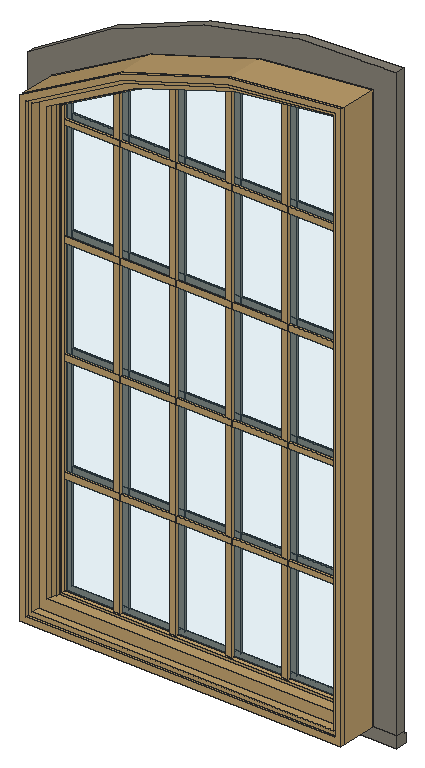
Revit family (continued)
Definition of nested family "Roundtop_Section_Detail"
  Definition of nested family "Head_Detail"
    Lines and regions (in)
      detail lines, style "Cut Lines", in view "Ref. Level"
        curve 24: line (1.50299, -2.90625, 0) -> (1.50299, -2.208, 0)
        curve 25: line (1.66374, -2.90625, 0) -> (1.50299, -2.90625, 0)
        curve 26: line (2, -2.677, 0) -> (1.89299, -2.677, 0)
        curve 27: line (2, -0.625, 0) -> (2, -2.677, 0)
        curve 28: line (0.47297, -2.90625, 0) -> (0.44605, -2.90625, 0)
        curve 29: line (1.89299, -2.677, 0) -> (1.66374, -2.90625, 0)
        curve 30: line (2.34399, -2.5005, 0) -> (2.34399, -2.313, 0)
        curve 31: line (1.31549, -2.45402, 0) -> (0.69049, -2.45402, 0)
        curve 32: line (1.31549, -2.6605, 0) -> (0.69049, -2.6605, 0)
        curve 33: line (1.50299, -2.353, 0) -> (1.31549, -2.353, 0)
        curve 34: line (0.69049, -2.353, 0) -> (0.50199, -2.353, 0)
      detail lines, style "Cut Lines", in view "Ref. Level", visible <- "Flange"
        curve 7: line (0, 1.5, 0) -> (0, 0.15, 0)
        curve 8: line (-0.04501, 0, 0) -> (-0.04501, 1.5, 0)
        curve 9: line (-0.04501, 1.5, 0) -> (0, 1.5, 0)
        curve 10: line (0.10999, 0.15, 0) -> (0.10999, 0, 0)
        curve 11: line (0, 0.15, 0) -> (0.10999, 0.15, 0)
    Dimensions and locks (in)
      aligned and locked: curve 25 to curve 28
      aligned and locked: curve 24 to curve 33
  Definition of nested family "Sill_Detail"
    Parameters (values of type "Jamb_Detail")
      Flange = yes
      Assembly Code = ""
    Reference planes (in)
      plane 1 "Center (Front/Back)": y = 0
      plane 2: z = 0
      plane 3 "Center (Left/Right)": x = 0
    Lines and regions (in)
      detail lines, style "Cut Lines", in view "Ref. Level"
        curve 1: line (4.56199, 0, 0) -> (4.56199, 1.188, 0)
        curve 2: line (-1.09401, 0, 0) -> (4.56199, 0, 0)
        curve 3: line (4.56199, 1.188, 0) -> (0.53125, 1.188, 0)
        curve 4: line (-1.09401, 0.52105, 0) -> (-1.09401, 0, 0)
        curve 5: line (0.39248, 0.625, 0) -> (-1.09401, 0.52105, 0)
        curve 6: line (0.39248, 0.625, 0) -> (2, 0.625, 0)
        curve 12: line (3.53074, 1.188, 0) -> (3.53074, 2.5005, 0)
        curve 13: line (3.53074, 2.5005, 0) -> (2, 2.5005, 0)
        curve 14: line (0.53125, 0.8125, 0) -> (0.53125, 1.188, 0)
        curve 15: line (0.125, 0.8125, 0) -> (0.53125, 0.8125, 0)
        curve 16: line (0.125, 2.696, 0) -> (0.125, 0.8125, 0)
        curve 17: line (0.2358, 2.696, 0) -> (0.125, 2.696, 0)
        curve 18: line (0.44605, 2.90625, 0) -> (0.2358, 2.696, 0)
        curve 19: line (0.47297, 2.208, 0) -> (0.47297, 2.90625, 0)
        curve 20: line (1.50299, 2.208, 0) -> (0.47297, 2.208, 0)
        curve 21: line (1.50299, 2.90625, 0) -> (1.50299, 2.208, 0)
        curve 22: line (1.66374, 2.90625, 0) -> (1.50299, 2.90625, 0)
        curve 23: line (2, 2.677, 0) -> (1.89299, 2.677, 0)
        curve 24: line (2, 0.625, 0) -> (2, 2.677, 0)
        curve 25: line (0.47297, 2.90625, 0) -> (0.44605, 2.90625, 0)
        curve 26: line (1.89299, 2.677, 0) -> (1.66374, 2.90625, 0)
        curve 27: line (1.31549, 2.45402, 0) -> (0.69049, 2.45402, 0)
        curve 28: line (1.31549, 2.6605, 0) -> (0.69049, 2.6605, 0)
        curve 29: line (1.50299, 2.353, 0) -> (1.31549, 2.353, 0)
        curve 30: line (0.69049, 2.353, 0) -> (0.50199, 2.353, 0)
      detail lines, style "Cut Lines", in view "Ref. Level", visible <- "Flange"
        curve 7: line (0, -1.5, 0) -> (0, -0.15, 0)
        curve 8: line (-0.04501, 0, 0) -> (-0.04501, -1.5, 0)
        curve 9: line (-0.04501, -1.5, 0) -> (0, -1.5, 0)
        curve 10: line (0.10999, -0.15, 0) -> (0.10999, 0, 0)
        curve 11: line (0, -0.15, 0) -> (0.10999, -0.15, 0)
